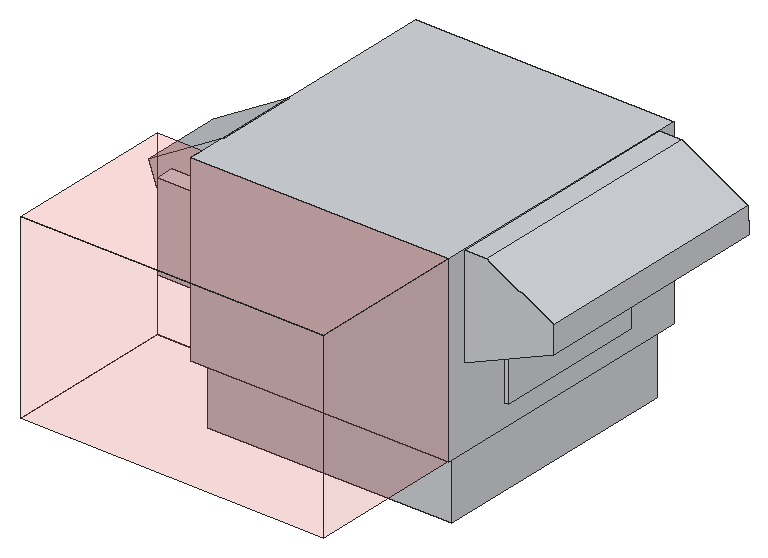
Revit family
Parameters (values of type "115 V Single Phase")
  Weight Scheduled [instance] = 726  # constant formula
  Voltage Workaround = Voltage / 1 V  # 115
  Voltage Scheduled = Voltage  # 115 V
  Voltage = 115 V
  VoltAmps Workaround [instance] = Voltage Workaround * Total FLA * sqrt(Phase)  # 0
  VoltAmps [instance] = VoltAmps Workaround * 1 VA  # 0 VA
  VFD [instance] = no
  URL = "http://www.renewaire.com/_assets/files/SubmittalForms/HE3XRTSubmittal.pdf"
  Total FLA [instance] = if(or(Supply Motor FLA = 0, Exhaust Motor FLA = 0), 0, (Supply Motor FLA * Supply Motor Count) + (Exhaust Motor FLA * Exhaust Motor Count))  # 0
  Supply Motor RPM Scheduled [instance] = Supply Motor RPM  # 0
  Supply Motor RPM [instance] = if(and(or(Supply ESP = 0, Supply ESP > 0), Supply ESP < 0.25), if(Supply Motor HP = 2, if(Supply CFM > 2630 CFM, 0, if(Supply CFM > 2380 CFM, 1488, if(Supply CFM > 2130 CFM, 1347, 1207))), if(Supply Motor HP = 3, if(Supply CFM > 2905 CFM, 0, if(Supply CFM > 2790 CFM, 1597, 1533)), if(Supply Motor HP = 5, if(Supply CFM > 3255 CFM, 0, if(Supply CFM > 3110 CFM, 1764, 1686)), 0))), if(and(or(Supply ESP = 0.25, Supply ESP > 0.25), Supply ESP < 0.5), if(Supply Motor HP = 2, if(Supply CFM > 2470 CFM, 0, if(Supply CFM > 2210 CFM, 1488, if(Supply CFM > 1940 CFM, 1347, 1207))), if(Supply Motor HP = 3, if(Supply CFM > 2810 CFM, 0, if(Supply CFM > 2785 CFM, 1661, if(Supply CFM > 2660 CFM, 1597, 1533))), if(Supply Motor HP = 5, if(Supply CFM > 3300 CFM, 0, if(Supply CFM > 2150 CFM, 1843, if(Supply CFM > 3000 CFM, 1764, 1686))), 0))), if(and(or(Supply ESP = 0.5, Supply ESP > 0.5), Supply ESP < 0.75), if(Supply Motor HP = 2, if(Supply CFM > 2300 CFM, 0, if(Supply CFM > 2005 CFM, 1488, if(Supply CFM > 1695 CFM, 1347, 1207))), if(Supply Motor HP = 3, if(Supply CFM > 2820 CFM, 0, if(Supply CFM > 2760 CFM, 1692, if(Supply CFM > 2630 CFM, 1661, if(Supply CFM > 2500 CFM, 1597, 1533)))), if(Supply Motor HP = 5, if(Supply CFM > 3200 CFM, 0, if(Supply CFM > 3045 CFM, 1843, if(Supply CFM > 2890 CFM, 1764, 1686))), 0))), if(and(or(Supply ESP = 0.75, Supply ESP > 0.75), Supply ESP < 1), if(Supply Motor HP = 2, if(Supply CFM > 2100 CFM, 0, if(Supply CFM > 1725 CFM, 1488, if(Supply CFM > 1340 CFM, 1347, 1207))), if(Supply Motor HP = 3, if(Supply CFM > 2665 CFM, 0, if(Supply CFM > 2585 CFM, 1692, if(Supply CFM > 2340 CFM, 1661, if(Supply CFM > 2290 CFM, 1597, 1533)))), if(Supply Motor HP = 5, if(Supply CFM > 3075 CFM, 0, if(Supply CFM > 2905 CFM, 1843, if(Supply CFM > 2730 CFM, 1764, 1686))), 0))), if(and(or(Supply ESP = 1, Supply ESP > 1), Supply ESP < 1.25), if(Supply Motor HP = 2, if(Supply CFM > 1800 CFM, 0, if(Supply CFM > 1365 CFM, 0.9, 0.5)), if(Supply Motor HP = 3, if(Supply CFM > 2450 CFM, 0, if(Supply CFM > 2365 CFM, 2.4, if(Supply CFM > 2200 CFM, 2.2, if(Supply CFM > 2040 CFM, 1.9, 1.6)))), if(Supply Motor HP = 5, if(Supply CFM > 2910 CFM, 0, if(Supply CFM > 2720 CFM, 3.4, if(Supply CFM > 2520 CFM, 2.9, 2.4))), 0))), if(and(or(Supply ESP = 1.25, Supply ESP > 1.25), Supply ESP < 1.5), if(Supply Motor HP = 2, if(Supply CFM > 1435 CFM, 0, 1488), if(Supply Motor HP = 3, if(Supply CFM > 2220 CFM, 0, if(Supply CFM > 2140 CFM, 1692, if(Supply CFM > 1955 CFM, 1661, if(Supply CFM > 1765 CFM, 1597, 1533)))), if(Supply Motor HP = 5, if(Supply CFM > 2715 CFM, 0, if(Supply CFM > 2520 CFM, 1843, if(Supply CFM > 2295 CFM, 1764, 1686))), 0))), if(Supply ESP = 1.5, if(Supply Motor HP = 2, if(Supply CFM > 820 CFM, 0, 1488), if(Supply Motor HP = 3, if(Supply CFM > 1980 CFM, 0, if(Supply CFM > 1890 CFM, 1692, if(Supply CFM > 1640 CFM, 1661, if(Supply CFM > 1265 CFM, 1597, 1533)))), if(Supply Motor HP = 5, if(Supply CFM > 2500 CFM, 0, if(Supply CFM > 2270 CFM, 1843, if(Supply CFM > 2000 CFM, 1764, 1686))), 0))), 0)))))))  # 0
  Supply Motor HP Scheduled [instance] = Supply Motor HP  # 0
  Supply Motor HP [instance] = 0
  Supply Motor FLA [instance] = if(VFD, if(Supply Motor BHP = 0, 0, if(Supply Motor HP = 2, if(and(or(Voltage = 208 V, Voltage = 230 V), Phase = 1), 6.1, if(and(or(Voltage = 208 V, Voltage = 230 V), Phase = 3), 6.1, if(and(Voltage = 460 V, Phase = 3), 2.9, if(and(Voltage = 575 V, Phase = 3), 2.4, 0)))), if(Supply Motor HP = 3, if(and(or(Voltage = 208 V, Voltage = 230 V), Phase = 1), 9.4, if(and(or(Voltage = 208 V, Voltage = 230 V), Phase = 3), 9.4, if(and(Voltage = 460 V, Phase = 3), 4.24, if(and(Voltage = 575 V, Phase = 3), 3.3, 0)))), if(Supply Motor HP = 5, if(and(or(Voltage = 208 V, Voltage = 230 V), Phase = 3), 14.5, if(and(Voltage = 460 V, Phase = 3), 6.7, if(and(Voltage = 575 V, Phase = 3), 5.3, 0))), 0)))), if(Supply Motor BHP = 0, 0, if(Supply Motor HP = 2, if(and(Voltage = 115 V, Phase = 1), 20, if(and(or(Voltage = 208 V, Voltage = 230 V), Phase = 1), 10.8, if(and(or(Voltage = 208 V, Voltage = 230 V), Phase = 3), 6.1, if(and(Voltage = 460 V, Phase = 3), 2.9, if(and(Voltage = 575 V, Phase = 3), 2.4, 0))))), if(Supply Motor HP = 3, if(and(or(Voltage = 208 V, Voltage = 230 V), Phase = 1), 13, if(and(or(Voltage = 208 V, Voltage = 230 V), Phase = 3), 9.4, if(and(Voltage = 460 V, Phase = 3), 4.2, if(and(Voltage = 575 V, Phase = 3), 3.3, 0)))), if(Supply Motor HP = 5, if(and(or(Voltage = 208 V, Voltage = 230 V), Phase = 3), 14.5, if(and(Voltage = 460 V, Phase = 3), 6.7, if(and(Voltage = 575 V, Phase = 3), 5.3, 0))), 0)))))  # 0
  Supply Motor Count Scheduled [instance] = Supply Motor Count  # 1
  Supply Motor Count [instance] = 1  # constant formula
  Supply Motor BHP [instance] = if(and(or(Supply ESP = 0, Supply ESP > 0), Supply ESP < 0.25), if(Supply Motor HP = 2, if(Supply CFM > 2630 CFM, 0, if(Supply CFM > 2380 CFM, 1.9, if(Supply CFM > 2130 CFM, 1.4, 1))), if(Supply Motor HP = 3, if(Supply CFM > 2905 CFM, 0, if(Supply CFM > 2790 CFM, 2.8, 2.5)), if(Supply Motor HP = 5, if(Supply CFM > 3255 CFM, 0, if(Supply CFM > 3110 CFM, 4, 3.5)), 0))), if(and(or(Supply ESP = 0.25, Supply ESP > 0.25), Supply ESP < 0.5), if(Supply Motor HP = 2, if(Supply CFM > 2470 CFM, 0, if(Supply CFM > 2210 CFM, 1.6, if(Supply CFM > 1940 CFM, 1.2, 0.8))), if(Supply Motor HP = 3, if(Supply CFM > 2810 CFM, 0, if(Supply CFM > 2785 CFM, 3, if(Supply CFM > 2660 CFM, 2.6, 2.3))), if(Supply Motor HP = 5, if(Supply CFM > 3300 CFM, 0, if(Supply CFM > 2150 CFM, 4.2, if(Supply CFM > 3000 CFM, 3.7, 3.2))), 0))), if(and(or(Supply ESP = 0.5, Supply ESP > 0.5), Supply ESP < 0.75), if(Supply Motor HP = 2, if(Supply CFM > 2300 CFM, 0, if(Supply CFM > 2005 CFM, 1.4, if(Supply CFM > 1695 CFM, 1, 0.6))), if(Supply Motor HP = 3, if(Supply CFM > 2820 CFM, 0, if(Supply CFM > 2760 CFM, 2.9, if(Supply CFM > 2630 CFM, 2.7, if(Supply CFM > 2500 CFM, 2.4, 2.1)))), if(Supply Motor HP = 5, if(Supply CFM > 3200 CFM, 0, if(Supply CFM > 3045 CFM, 4, if(Supply CFM > 2890 CFM, 3.5, 3))), 0))), if(and(or(Supply ESP = 0.75, Supply ESP > 0.75), Supply ESP < 1), if(Supply Motor HP = 2, if(Supply CFM > 2100 CFM, 0, if(Supply CFM > 1725 CFM, 1.2, if(Supply CFM > 1340 CFM, 0.8, 0.4))), if(Supply Motor HP = 3, if(Supply CFM > 2665 CFM, 0, if(Supply CFM > 2585 CFM, 2.7, if(Supply CFM > 2340 CFM, 2.5, if(Supply CFM > 2290 CFM, 2.1, 1.8)))), if(Supply Motor HP = 5, if(Supply CFM > 3075 CFM, 0, if(Supply CFM > 2905 CFM, 3.7, if(Supply CFM > 2730 CFM, 3.2, 2.7))), 0))), if(and(or(Supply ESP = 1, Supply ESP > 1), Supply ESP < 1.25), if(Supply Motor HP = 2, if(Supply CFM > 1800 CFM, 0, if(Supply CFM > 1365 CFM, 0.9, 0.5)), if(Supply Motor HP = 3, if(Supply CFM > 2450 CFM, 0, if(Supply CFM > 2365 CFM, 2.4, if(Supply CFM > 2200 CFM, 2.2, if(Supply CFM > 2040 CFM, 1.9, 1.6)))), if(Supply Motor HP = 5, if(Supply CFM > 2910 CFM, 0, if(Supply CFM > 2720 CFM, 3.4, if(Supply CFM > 2520 CFM, 2.9, 2.4))), 0))), if(and(or(Supply ESP = 1.25, Supply ESP > 1.25), Supply ESP < 1.5), if(Supply Motor HP = 2, if(Supply CFM > 1435 CFM, 0, 0.7), if(Supply Motor HP = 3, if(Supply CFM > 2220 CFM, 0, if(Supply CFM > 2140 CFM, 2.1, if(Supply CFM > 1955 CFM, 1.9, if(Supply CFM > 1765 CFM, 1.6, 1.3)))), if(Supply Motor HP = 5, if(Supply CFM > 2715 CFM, 0, if(Supply CFM > 2520 CFM, 3, if(Supply CFM > 2295 CFM, 2.5, 2.1))), 0))), if(Supply ESP = 1.5, if(Supply Motor HP = 2, if(Supply CFM > 820 CFM, 0, 0.4), if(Supply Motor HP = 3, if(Supply CFM > 1980 CFM, 0, if(Supply CFM > 1890 CFM, 1.8, if(Supply CFM > 1640 CFM, 1.6, if(Supply CFM > 1265 CFM, 1.3, 1)))), if(Supply Motor HP = 5, if(Supply CFM > 2500 CFM, 0, if(Supply CFM > 2270 CFM, 2.7, if(Supply CFM > 2000 CFM, 2.2, 1.8))), 0))), 0)))))))  # 0
  Supply ESP Scheduled [instance] = Supply ESP  # 0
  Supply ESP [instance] = 0
  Supply CFM Scheduled [instance] = Supply CFM  # 0 CFM
  Supply CFM [instance] = 0 CFM
  Supply Air Winter RH Scheduled [instance] = 0
  Supply Air Winter DB Scheduled [instance] = 0
  Supply Air Summer RH Scheduled [instance] = 0
  Supply Air Summer DB Scheduled [instance] = 0
  Phase Scheduled = Phase  # 1
  Phase = 1
  Outside Air Winter RH Scheduled [instance] = 0
  Outside Air Winter DB Scheduled [instance] = 0
  Outside Air Summer RH Scheduled [instance] = 0
  Outside Air Summer DB Scheduled [instance] = 0
  Number of Poles = 1
  Model = "HE3XRTF"
  Manufacturer = "RenewAire"
  MOCP Scheduled [instance] = MOCP  # 0
  MOCP [instance] = if(VFD, if(Total FLA = 0, 0, if(and(or(Voltage = 208 V, Voltage = 230 V), Phase = 1), if(and(Supply Motor HP = 2, Exhaust Motor HP = 2), 30, if(and(Supply Motor HP = 2, Exhaust Motor HP = 3), 40, if(and(Supply Motor HP = 3, Exhaust Motor HP = 2), 40, if(and(Supply Motor HP = 3, Exhaust Motor HP = 3), 45, 0)))), if(and(or(Voltage = 208 V, Voltage = 230 V), Phase = 3), if(and(Supply Motor HP = 2, Exhaust Motor HP = 2), 15, if(and(Supply Motor HP = 2, Exhaust Motor HP = 3), 25, if(and(Supply Motor HP = 2, Exhaust Motor HP = 5), 35, if(and(Supply Motor HP = 3, Exhaust Motor HP = 2), 25, if(and(Supply Motor HP = 3, Exhaust Motor HP = 3), 25, if(and(Supply Motor HP = 3, Exhaust Motor HP = 5), 40, if(and(Supply Motor HP = 5, Exhaust Motor HP = 2), 35, if(and(Supply Motor HP = 5, Exhaust Motor HP = 3), 40, if(and(Supply Motor HP = 5, Exhaust Motor HP = 5), 45, 0))))))))), if(and(Voltage = 460 V, Phase = 3), if(and(Supply Motor HP = 2, Exhaust Motor HP = 2), 15, if(and(Supply Motor HP = 2, Exhaust Motor HP = 3), 15, if(and(Supply Motor HP = 2, Exhaust Motor HP = 5), 15, if(and(Supply Motor HP = 3, Exhaust Motor HP = 2), 15, if(and(Supply Motor HP = 3, Exhaust Motor HP = 3), 15, if(and(Supply Motor HP = 3, Exhaust Motor HP = 5), 15, if(and(Supply Motor HP = 5, Exhaust Motor HP = 2), 15, if(and(Supply Motor HP = 5, Exhaust Motor HP = 3), 15, if(and(Supply Motor HP = 5, Exhaust Motor HP = 5), 20, 0))))))))), if(and(Voltage = 575 V, Phase = 3), if(and(Supply Motor HP = 2, Exhaust Motor HP = 2), 15, if(and(Supply Motor HP = 2, Exhaust Motor HP = 3), 15, if(and(Supply Motor HP = 2, Exhaust Motor HP = 5), 15, if(and(Supply Motor HP = 3, Exhaust Motor HP = 2), 15, if(and(Supply Motor HP = 3, Exhaust Motor HP = 3), 15, if(and(Supply Motor HP = 3, Exhaust Motor HP = 5), 15, if(and(Supply Motor HP = 5, Exhaust Motor HP = 2), 15, if(and(Supply Motor HP = 5, Exhaust Motor HP = 3), 15, if(and(Supply Motor HP = 5, Exhaust Motor HP = 5), 15, 0))))))))), 0))))), if(Total FLA = 0, 0, if(and(Voltage = 115 V, Phase = 1), if(and(Supply Motor HP = 2, Exhaust Motor HP = 2), 60, 0), if(and(or(Voltage = 208 V, Voltage = 230 V), Phase = 1), if(and(Supply Motor HP = 2, Exhaust Motor HP = 2), 35, if(and(Supply Motor HP = 2, Exhaust Motor HP = 3), 40, if(and(Supply Motor HP = 3, Exhaust Motor HP = 2), 40, if(and(Supply Motor HP = 3, Exhaust Motor HP = 3), 40, 0)))), if(and(or(Voltage = 208 V, Voltage = 230 V), Phase = 3), if(and(Supply Motor HP = 2, Exhaust Motor HP = 2), 15, if(and(Supply Motor HP = 2, Exhaust Motor HP = 3), 25, if(and(Supply Motor HP = 2, Exhaust Motor HP = 5), 35, if(and(Supply Motor HP = 3, Exhaust Motor HP = 2), 25, if(and(Supply Motor HP = 3, Exhaust Motor HP = 3), 25, if(and(Supply Motor HP = 3, Exhaust Motor HP = 5), 40, if(and(Supply Motor HP = 5, Exhaust Motor HP = 2), 35, if(and(Supply Motor HP = 5, Exhaust Motor HP = 3), 40, if(and(Supply Motor HP = 5, Exhaust Motor HP = 5), 45, 0))))))))), if(and(Voltage = 460 V, Phase = 3), if(and(Supply Motor HP = 2, Exhaust Motor HP = 2), 15, if(and(Supply Motor HP = 2, Exhaust Motor HP = 3), 15, if(and(Supply Motor HP = 2, Exhaust Motor HP = 5), 15, if(and(Supply Motor HP = 3, Exhaust Motor HP = 2), 15, if(and(Supply Motor HP = 3, Exhaust Motor HP = 3), 15, if(and(Supply Motor HP = 3, Exhaust Motor HP = 5), 15, if(and(Supply Motor HP = 5, Exhaust Motor HP = 2), 15, if(and(Supply Motor HP = 5, Exhaust Motor HP = 3), 15, if(and(Supply Motor HP = 5, Exhaust Motor HP = 5), 20, 0))))))))), if(and(Voltage = 575 V, Phase = 3), if(and(Supply Motor HP = 2, Exhaust Motor HP = 2), 15, if(and(Supply Motor HP = 2, Exhaust Motor HP = 3), 15, if(and(Supply Motor HP = 2, Exhaust Motor HP = 5), 15, if(and(Supply Motor HP = 3, Exhaust Motor HP = 2), 15, if(and(Supply Motor HP = 3, Exhaust Motor HP = 3), 15, if(and(Supply Motor HP = 3, Exhaust Motor HP = 5), 15, if(and(Supply Motor HP = 5, Exhaust Motor HP = 2), 15, if(and(Supply Motor HP = 5, Exhaust Motor HP = 3), 15, if(and(Supply Motor HP = 5, Exhaust Motor HP = 5), 15, 0))))))))), 0)))))))  # 0
  MCA Scheduled [instance] = MCA  # 0
  MCA [instance] = if(VFD, if(Total FLA = 0, 0, if(and(or(Voltage = 208 V, Voltage = 230 V), Phase = 1), if(and(Supply Motor HP = 2, Exhaust Motor HP = 2), 26, if(and(Supply Motor HP = 2, Exhaust Motor HP = 3), 33.9, if(and(Supply Motor HP = 3, Exhaust Motor HP = 2), 33.9, if(and(Supply Motor HP = 3, Exhaust Motor HP = 3), 40.2, 0)))), if(and(or(Voltage = 208 V, Voltage = 230 V), Phase = 3), if(and(Supply Motor HP = 2, Exhaust Motor HP = 2), 15, if(and(Supply Motor HP = 2, Exhaust Motor HP = 3), 19.6, if(and(Supply Motor HP = 2, Exhaust Motor HP = 5), 26.6, if(and(Supply Motor HP = 3, Exhaust Motor HP = 2), 19.6, if(and(Supply Motor HP = 3, Exhaust Motor HP = 3), 23.2, if(and(Supply Motor HP = 3, Exhaust Motor HP = 5), 30.3, if(and(Supply Motor HP = 5, Exhaust Motor HP = 2), 26.6, if(and(Supply Motor HP = 5, Exhaust Motor HP = 3), 30.3, if(and(Supply Motor HP = 5, Exhaust Motor HP = 5), 35.9, 0))))))))), if(and(Voltage = 460 V, Phase = 3), if(and(Supply Motor HP = 2, Exhaust Motor HP = 2), 7.2, if(and(Supply Motor HP = 2, Exhaust Motor HP = 3), 9, if(and(Supply Motor HP = 2, Exhaust Motor HP = 5), 12.4, if(and(Supply Motor HP = 3, Exhaust Motor HP = 2), 9, if(and(Supply Motor HP = 3, Exhaust Motor HP = 3), 10.5, if(and(Supply Motor HP = 3, Exhaust Motor HP = 5), 13.9, if(and(Supply Motor HP = 5, Exhaust Motor HP = 2), 12.4, if(and(Supply Motor HP = 5, Exhaust Motor HP = 3), 13.9, if(and(Supply Motor HP = 5, Exhaust Motor HP = 5), 16.6, 0))))))))), if(and(Voltage = 575 V, Phase = 3), if(and(Supply Motor HP = 2, Exhaust Motor HP = 2), 5.9, if(and(Supply Motor HP = 2, Exhaust Motor HP = 3), 7.2, if(and(Supply Motor HP = 2, Exhaust Motor HP = 5), 9.9, if(and(Supply Motor HP = 3, Exhaust Motor HP = 2), 7.2, if(and(Supply Motor HP = 3, Exhaust Motor HP = 3), 8.2, if(and(Supply Motor HP = 3, Exhaust Motor HP = 5), 10.9, if(and(Supply Motor HP = 5, Exhaust Motor HP = 2), 9.9, if(and(Supply Motor HP = 5, Exhaust Motor HP = 3), 10.9, if(and(Supply Motor HP = 5, Exhaust Motor HP = 5), 13.1, 0))))))))), 0))))), if(Total FLA = 0, 0, if(and(Voltage = 115 V, Phase = 1), if(and(Supply Motor HP = 2, Exhaust Motor HP = 2), 45, 0), if(and(or(Voltage = 208 V, Voltage = 230 V), Phase = 1), if(and(Supply Motor HP = 2, Exhaust Motor HP = 2), 24.3, if(and(Supply Motor HP = 2, Exhaust Motor HP = 3), 27.1, if(and(Supply Motor HP = 3, Exhaust Motor HP = 2), 27.1, if(and(Supply Motor HP = 3, Exhaust Motor HP = 3), 29.3, 0)))), if(and(or(Voltage = 208 V, Voltage = 230 V), Phase = 3), if(and(Supply Motor HP = 2, Exhaust Motor HP = 2), 13.6, if(and(Supply Motor HP = 2, Exhaust Motor HP = 3), 17.8, if(and(Supply Motor HP = 2, Exhaust Motor HP = 5), 24.2, if(and(Supply Motor HP = 3, Exhaust Motor HP = 2), 17.8, if(and(Supply Motor HP = 3, Exhaust Motor HP = 3), 21.1, if(and(Supply Motor HP = 3, Exhaust Motor HP = 5), 27.5, if(and(Supply Motor HP = 5, Exhaust Motor HP = 2), 24.2, if(and(Supply Motor HP = 5, Exhaust Motor HP = 3), 27.5, if(and(Supply Motor HP = 5, Exhaust Motor HP = 5), 32.6, 0))))))))), if(and(Voltage = 460 V, Phase = 3), if(and(Supply Motor HP = 2, Exhaust Motor HP = 2), 6.5, if(and(Supply Motor HP = 2, Exhaust Motor HP = 3), 8.2, if(and(Supply Motor HP = 2, Exhaust Motor HP = 5), 11.3, if(and(Supply Motor HP = 3, Exhaust Motor HP = 2), 8.2, if(and(Supply Motor HP = 3, Exhaust Motor HP = 3), 9.5, if(and(Supply Motor HP = 3, Exhaust Motor HP = 5), 12.6, if(and(Supply Motor HP = 5, Exhaust Motor HP = 2), 11.3, if(and(Supply Motor HP = 5, Exhaust Motor HP = 3), 12.6, if(and(Supply Motor HP = 5, Exhaust Motor HP = 5), 15.1, 0))))))))), if(and(Voltage = 575 V, Phase = 3), if(and(Supply Motor HP = 2, Exhaust Motor HP = 2), 5.4, if(and(Supply Motor HP = 2, Exhaust Motor HP = 3), 6.5, if(and(Supply Motor HP = 2, Exhaust Motor HP = 5), 9, if(and(Supply Motor HP = 3, Exhaust Motor HP = 2), 6.5, if(and(Supply Motor HP = 3, Exhaust Motor HP = 3), 7.4, if(and(Supply Motor HP = 3, Exhaust Motor HP = 5), 9.9, if(and(Supply Motor HP = 5, Exhaust Motor HP = 2), 9, if(and(Supply Motor HP = 5, Exhaust Motor HP = 3), 9.9, if(and(Supply Motor HP = 5, Exhaust Motor HP = 5), 11.9, 0))))))))), 0)))))))  # 0
  FLA Scheduled [instance] = Total FLA  # 0
  Exhaust RH Scheduled [instance] = 0
  Exhaust Motor RPM Scheduled [instance] = Exhaust Motor RPM  # 0
  Exhaust Motor RPM [instance] = if(and(or(Exhaust ESP = 0, Exhaust ESP > 0), Exhaust ESP < 0.25), if(Exhaust Motor HP = 2, if(Exhaust CFM > 2630 CFM, 0, if(Exhaust CFM > 2380 CFM, 1488, if(Exhaust CFM > 2130 CFM, 1347, 1207))), if(Exhaust Motor HP = 3, if(Exhaust CFM > 2905 CFM, 0, if(Exhaust CFM > 2790 CFM, 1597, 1533)), if(Exhaust Motor HP = 5, if(Exhaust CFM > 3255 CFM, 0, if(Exhaust CFM > 3110 CFM, 1764, 1686)), 0))), if(and(or(Exhaust ESP = 0.25, Exhaust ESP > 0.25), Exhaust ESP < 0.5), if(Exhaust Motor HP = 2, if(Exhaust CFM > 2470 CFM, 0, if(Exhaust CFM > 2210 CFM, 1488, if(Exhaust CFM > 1940 CFM, 1347, 1207))), if(Exhaust Motor HP = 3, if(Exhaust CFM > 2810 CFM, 0, if(Exhaust CFM > 2785 CFM, 1661, if(Exhaust CFM > 2660 CFM, 1597, 1533))), if(Exhaust Motor HP = 5, if(Exhaust CFM > 3300 CFM, 0, if(Exhaust CFM > 2150 CFM, 1843, if(Exhaust CFM > 3000 CFM, 1764, 1686))), 0))), if(and(or(Exhaust ESP = 0.5, Exhaust ESP > 0.5), Exhaust ESP < 0.75), if(Exhaust Motor HP = 2, if(Exhaust CFM > 2300 CFM, 0, if(Exhaust CFM > 2005 CFM, 1488, if(Exhaust CFM > 1695 CFM, 1347, 1207))), if(Exhaust Motor HP = 3, if(Exhaust CFM > 2820 CFM, 0, if(Exhaust CFM > 2760 CFM, 1692, if(Exhaust CFM > 2630 CFM, 1661, if(Exhaust CFM > 2500 CFM, 1597, 1533)))), if(Exhaust Motor HP = 5, if(Exhaust CFM > 3200 CFM, 0, if(Exhaust CFM > 3045 CFM, 1843, if(Exhaust CFM > 2890 CFM, 1764, 1686))), 0))), if(and(or(Exhaust ESP = 0.75, Exhaust ESP > 0.75), Exhaust ESP < 1), if(Exhaust Motor HP = 2, if(Exhaust CFM > 2100 CFM, 0, if(Exhaust CFM > 1725 CFM, 1488, if(Exhaust CFM > 1340 CFM, 1347, 1207))), if(Exhaust Motor HP = 3, if(Exhaust CFM > 2665 CFM, 0, if(Exhaust CFM > 2585 CFM, 1692, if(Exhaust CFM > 2340 CFM, 1661, if(Exhaust CFM > 2290 CFM, 1597, 1533)))), if(Exhaust Motor HP = 5, if(Exhaust CFM > 3075 CFM, 0, if(Exhaust CFM > 2905 CFM, 1843, if(Exhaust CFM > 2730 CFM, 1764, 1686))), 0))), if(and(or(Exhaust ESP = 1, Exhaust ESP > 1), Exhaust ESP < 1.25), if(Exhaust Motor HP = 2, if(Exhaust CFM > 1800 CFM, 0, if(Exhaust CFM > 1365 CFM, 0.9, 0.5)), if(Exhaust Motor HP = 3, if(Exhaust CFM > 2450 CFM, 0, if(Exhaust CFM > 2365 CFM, 2.4, if(Exhaust CFM > 2200 CFM, 2.2, if(Exhaust CFM > 2040 CFM, 1.9, 1.6)))), if(Exhaust Motor HP = 5, if(Exhaust CFM > 2910 CFM, 0, if(Exhaust CFM > 2720 CFM, 3.4, if(Exhaust CFM > 2520 CFM, 2.9, 2.4))), 0))), if(and(or(Exhaust ESP = 1.25, Exhaust ESP > 1.25), Exhaust ESP < 1.5), if(Exhaust Motor HP = 2, if(Exhaust CFM > 1435 CFM, 0, 1488), if(Exhaust Motor HP = 3, if(Exhaust CFM > 2220 CFM, 0, if(Exhaust CFM > 2140 CFM, 1692, if(Exhaust CFM > 1955 CFM, 1661, if(Exhaust CFM > 1765 CFM, 1597, 1533)))), if(Exhaust Motor HP = 5, if(Exhaust CFM > 2715 CFM, 0, if(Exhaust CFM > 2520 CFM, 1843, if(Exhaust CFM > 2295 CFM, 1764, 1686))), 0))), if(Exhaust ESP = 1.5, if(Exhaust Motor HP = 2, if(Exhaust CFM > 820 CFM, 0, 1488), if(Exhaust Motor HP = 3, if(Exhaust CFM > 1980 CFM, 0, if(Exhaust CFM > 1890 CFM, 1692, if(Exhaust CFM > 1640 CFM, 1661, if(Exhaust CFM > 1265 CFM, 1597, 1533)))), if(Exhaust Motor HP = 5, if(Exhaust CFM > 2500 CFM, 0, if(Exhaust CFM > 2270 CFM, 1843, if(Exhaust CFM > 2000 CFM, 1764, 1686))), 0))), 0)))))))  # 0
  Exhaust Motor HP Scheduled [instance] = Exhaust Motor HP  # 0
  Exhaust Motor HP [instance] = 0
  Exhaust Motor FLA [instance] = if(VFD, if(Exhaust Motor BHP = 0, 0, if(Exhaust Motor HP = 2, if(and(or(Voltage = 208 V, Voltage = 230 V), Phase = 1), 6.1, if(and(or(Voltage = 208 V, Voltage = 230 V), Phase = 3), 6.1, if(and(Voltage = 460 V, Phase = 3), 2.9, if(and(Voltage = 575 V, Phase = 3), 2.4, 0)))), if(Exhaust Motor HP = 3, if(and(or(Voltage = 208 V, Voltage = 230 V), Phase = 1), 9.4, if(and(or(Voltage = 208 V, Voltage = 230 V), Phase = 3), 9.4, if(and(Voltage = 460 V, Phase = 3), 4.24, if(and(Voltage = 575 V, Phase = 3), 3.3, 0)))), if(Exhaust Motor HP = 5, if(and(or(Voltage = 208 V, Voltage = 230 V), Phase = 3), 14.5, if(and(Voltage = 460 V, Phase = 3), 6.7, if(and(Voltage = 575 V, Phase = 3), 5.3, 0))), 0)))), if(Exhaust Motor BHP = 0, 0, if(Exhaust Motor HP = 2, if(and(Voltage = 115 V, Phase = 1), 20, if(and(or(Voltage = 208 V, Voltage = 230 V), Phase = 1), 10.8, if(and(or(Voltage = 208 V, Voltage = 230 V), Phase = 3), 6.1, if(and(Voltage = 460 V, Phase = 3), 2.9, if(and(Voltage = 575 V, Phase = 3), 2.4, 0))))), if(Exhaust Motor HP = 3, if(and(or(Voltage = 208 V, Voltage = 230 V), Phase = 1), 13, if(and(or(Voltage = 208 V, Voltage = 230 V), Phase = 3), 9.4, if(and(Voltage = 460 V, Phase = 3), 4.2, if(and(Voltage = 575 V, Phase = 3), 3.3, 0)))), if(Exhaust Motor HP = 5, if(and(or(Voltage = 208 V, Voltage = 230 V), Phase = 3), 14.5, if(and(Voltage = 460 V, Phase = 3), 6.7, if(and(Voltage = 575 V, Phase = 3), 5.3, 0))), 0)))))  # 0
  Exhaust Motor Count Scheduled [instance] = Exhaust Motor Count  # 1
  Exhaust Motor Count [instance] = 1  # constant formula
  Exhaust Motor BHP [instance] = if(and(or(Exhaust ESP = 0, Exhaust ESP > 0), Exhaust ESP < 0.25), if(Exhaust Motor HP = 2, if(Exhaust CFM > 2630 CFM, 0, if(Exhaust CFM > 2380 CFM, 1.9, if(Exhaust CFM > 2130 CFM, 1.4, 1))), if(Exhaust Motor HP = 3, if(Exhaust CFM > 2905 CFM, 0, if(Exhaust CFM > 2790 CFM, 2.8, 2.5)), if(Exhaust Motor HP = 5, if(Exhaust CFM > 3255 CFM, 0, if(Exhaust CFM > 3110 CFM, 4, 3.5)), 0))), if(and(or(Exhaust ESP = 0.25, Exhaust ESP > 0.25), Exhaust ESP < 0.5), if(Exhaust Motor HP = 2, if(Exhaust CFM > 2470 CFM, 0, if(Exhaust CFM > 2210 CFM, 1.6, if(Exhaust CFM > 1940 CFM, 1.2, 0.8))), if(Exhaust Motor HP = 3, if(Exhaust CFM > 2810 CFM, 0, if(Exhaust CFM > 2785 CFM, 3, if(Exhaust CFM > 2660 CFM, 2.6, 2.3))), if(Exhaust Motor HP = 5, if(Exhaust CFM > 3300 CFM, 0, if(Exhaust CFM > 2150 CFM, 4.2, if(Exhaust CFM > 3000 CFM, 3.7, 3.2))), 0))), if(and(or(Exhaust ESP = 0.5, Exhaust ESP > 0.5), Exhaust ESP < 0.75), if(Exhaust Motor HP = 2, if(Exhaust CFM > 2300 CFM, 0, if(Exhaust CFM > 2005 CFM, 1.4, if(Exhaust CFM > 1695 CFM, 1, 0.6))), if(Exhaust Motor HP = 3, if(Exhaust CFM > 2820 CFM, 0, if(Exhaust CFM > 2760 CFM, 2.9, if(Exhaust CFM > 2630 CFM, 2.7, if(Exhaust CFM > 2500 CFM, 2.4, 2.1)))), if(Exhaust Motor HP = 5, if(Exhaust CFM > 3200 CFM, 0, if(Exhaust CFM > 3045 CFM, 4, if(Exhaust CFM > 2890 CFM, 3.5, 3))), 0))), if(and(or(Exhaust ESP = 0.75, Exhaust ESP > 0.75), Exhaust ESP < 1), if(Exhaust Motor HP = 2, if(Exhaust CFM > 2100 CFM, 0, if(Exhaust CFM > 1725 CFM, 1.2, if(Exhaust CFM > 1340 CFM, 0.8, 0.4))), if(Exhaust Motor HP = 3, if(Exhaust CFM > 2665 CFM, 0, if(Exhaust CFM > 2585 CFM, 2.7, if(Exhaust CFM > 2340 CFM, 2.5, if(Exhaust CFM > 2290 CFM, 2.1, 1.8)))), if(Exhaust Motor HP = 5, if(Exhaust CFM > 3075 CFM, 0, if(Exhaust CFM > 2905 CFM, 3.7, if(Exhaust CFM > 2730 CFM, 3.2, 2.7))), 0))), if(and(or(Exhaust ESP = 1, Exhaust ESP > 1), Exhaust ESP < 1.25), if(Exhaust Motor HP = 2, if(Exhaust CFM > 1800 CFM, 0, if(Exhaust CFM > 1365 CFM, 0.9, 0.5)), if(Exhaust Motor HP = 3, if(Exhaust CFM > 2450 CFM, 0, if(Exhaust CFM > 2365 CFM, 2.4, if(Exhaust CFM > 2200 CFM, 2.2, if(Exhaust CFM > 2040 CFM, 1.9, 1.6)))), if(Exhaust Motor HP = 5, if(Exhaust CFM > 2910 CFM, 0, if(Exhaust CFM > 2720 CFM, 3.4, if(Exhaust CFM > 2520 CFM, 2.9, 2.4))), 0))), if(and(or(Exhaust ESP = 1.25, Exhaust ESP > 1.25), Exhaust ESP < 1.5), if(Exhaust Motor HP = 2, if(Exhaust CFM > 1435 CFM, 0, 0.7), if(Exhaust Motor HP = 3, if(Exhaust CFM > 2220 CFM, 0, if(Exhaust CFM > 2140 CFM, 2.1, if(Exhaust CFM > 1955 CFM, 1.9, if(Exhaust CFM > 1765 CFM, 1.6, 1.3)))), if(Exhaust Motor HP = 5, if(Exhaust CFM > 2715 CFM, 0, if(Exhaust CFM > 2520 CFM, 3, if(Exhaust CFM > 2295 CFM, 2.5, 2.1))), 0))), if(Exhaust ESP = 1.5, if(Exhaust Motor HP = 2, if(Exhaust CFM > 820 CFM, 0, 0.4), if(Exhaust Motor HP = 3, if(Exhaust CFM > 1980 CFM, 0, if(Exhaust CFM > 1890 CFM, 1.8, if(Exhaust CFM > 1640 CFM, 1.6, if(Exhaust CFM > 1265 CFM, 1.3, 1)))), if(Exhaust Motor HP = 5, if(Exhaust CFM > 2500 CFM, 0, if(Exhaust CFM > 2270 CFM, 2.7, if(Exhaust CFM > 2000 CFM, 2.2, 1.8))), 0))), 0)))))))  # 0
  Exhaust ESP Scheduled [instance] = Exhaust ESP  # 0
  Exhaust ESP [instance] = 0
  Exhaust DB Scheduled [instance] = 0
  Exhaust CFM Scheduled [instance] = Exhaust CFM  # 0 CFM
  Exhaust CFM [instance] = 0 CFM
  Enthalpy Effect Winter Scheduled [instance] = 0
  Enthalpy Effect Summer Scheduled [instance] = 0
Types (8): name | Voltage Workaround | Voltage Scheduled | Voltage | VFD | Phase Scheduled | Phase | Number of Poles
  (no name) | 115 | 115 V | 115 V | no | 1 | 1 | 1
  208 V Single Phase | 208 | 208 V | 208 V | yes | 1 | 1 | 2
  230 V Single Phase | 230 | 230 V | 230 V | yes | 1 | 1 | 2
  208 V Three Phase | 208 | 208 V | 208 V | yes | 3 | 3 | 3
  230 V Three Phase | 230 | 230 V | 230 V | yes | 3 | 3 | 3
  460 V Three Phase | 460 | 460 V | 460 V | yes | 3 | 3 | 3
  575 V Three Phase | 575 | 575 V | 575 V | yes | 3 | 3 | 3
  115 V Single Phase | 115 | 115 V | 115 V | no | 1 | 1 | 1
Reference planes (in)
  plane 1 "Center (Front/Back)": y = 0
  plane 2: z = 0
  plane 3 "Center (Left/Right)": x = 0
Forms (in)
  Extrusion 1, solid
    sketch origin (0, 0, 0) x (1, 0, 0) y (0, 1, 0)
      loop
        line (-28.625, 31.1875) -> (-28.625, -31.1875) -> (28.625, -31.1875) -> (28.625, 31.1875) -> (-28.625, 31.1875)
    from 14 to 54.25
  Extrusion 2, solid
    sketch origin (0, 0, 0) x (1, 0, 0) y (0, 1, 0)
      loop
        line (-27.0625, 28.3125) -> (-27.0625, -28.3125) -> (27.0625, -28.3125) -> (27.0625, 28.3125) -> (-27.0625, 28.3125)
    from 0 to 14
  Extrusion 3, solid
    sketch origin (-28.625, 18.90398, 0) x (0, 1, 0) y (0, 0, -1)
      loop
        line (-42.71444, -45.25) -> (-42.71444, -26) -> (-46.71444, -26) -> (-46.71444, -45.25) -> (-42.71444, -45.25)
    from 0 to 10.125
  Extrusion 4, solid
    sketch origin (0.125, 1.0625, 0) x (1, 0, 0) y (0, 1, 0)
      loop
        line (28.5, -32.25) -> (-28.75, -32.25) -> (-28.75, -28.87295) -> (-38.875, -28.87295) -> (-38.875, -66.875) -> (28.5, -66.875) -> (28.5, -32.25)
    from 14 to 54.25
  Extrusion 5, solid
    sketch origin (28.625, 31.89135, 0) x (0, -1, 0) y (0, 0, -1)
      loop
        line (47.82885, -31.125) -> (47.82885, -19.125) -> (13.82885, -19.125) -> (13.82885, -31.125) -> (47.82885, -31.125)
    from 0 to 1
  Extrusion 6, solid
    sketch origin (0.1875, 0, 0.09954) x (1, 0, 0) y (0, 0, 1)
      loop
        line (-43.60712, 39.2713) -> (-28.8125, 34.17711) -> (-28.8125, 54.15046) -> (-45.5625, 44.12084) -> (-43.60712, 39.2713)
    from 4 to 22
  Extrusion 7, solid
    sketch origin (1.5, 0, 0) x (1, 0, 0) y (0, 0, 1)
      loop
        line (27.125, 31.77258) -> (47, 40.48033) -> (47, 46.38737) -> (32.25, 54.25) -> (27.125, 54.25) -> (27.125, 31.77258)
    from -27 to 27
Cuts and joins
  joined: Extrusion 1, Extrusion 2, Extrusion 3, Extrusion 5
Lines and regions (in)
  Split face 1
    outline origin (0, 0, 0) x (1, 0, 0) y (0, 1, 0)
      loop
        line (-25.1875, -21.8125) -> (-10.4375, -21.8125) -> (-10.4375, -7.5625) -> (-25.1875, -7.5625) -> (-25.1875, -21.8125)
Dimensions and locks (in)
  locked: Extrusion 5 sketch curve to Extrusion 5 sketch curve at 34
  Extrusion 5 sketch curve to cut or joined group of Extrusion 1, Extrusion 2, Extrusion 3, Extrusion 5 = 1' - 1 1/8"
Connectors (in)
  electrical at (-38.75, -25.81045, 35.625), driven by "VoltAmps", driven by "Voltage", driven by "Number of Poles"
    settings: on Extrusion 3, index 3, voltage 115 V, apparent load 0 VA, apparent load phase1 0 VA, apparent load phase2 0 VA, apparent load phase3 0 VA, power factor 1, load classification "HVAC", number of poles 1, system type 30, power factor state 1, is connector primary yes, connector utility no, sub classification motor no, connector description ""
  hvac at (-17.8125, -14.6875, 0), driven by "Supply CFM"
    settings: on Extrusion 2, index 4, duct flow 0 CFM, flow factor 0, pres drop 0.00 in-wg, loss coef 0, conn angle 0.00°, conn width 14", conn height 14", conn radius 12", duct sys type 1, conn prof type 1, flow config 0, flow direction 2, loss method 0, conn ref index -1, conn util no, is conn primary yes, conn desc ""
  hvac at (29.625, 1.0625, 25.125), driven by "Exhaust CFM"
    settings: on Extrusion 5, index 5, duct flow 0 CFM, flow factor 0, pres drop 0.00 in-wg, loss coef 0, conn angle 0.00°, conn width 34", conn height 12", conn radius 12", duct sys type 3, conn prof type 1, flow config 0, flow direction 1, loss method 0, conn ref index -1, conn util no, is conn primary no, conn desc ""
